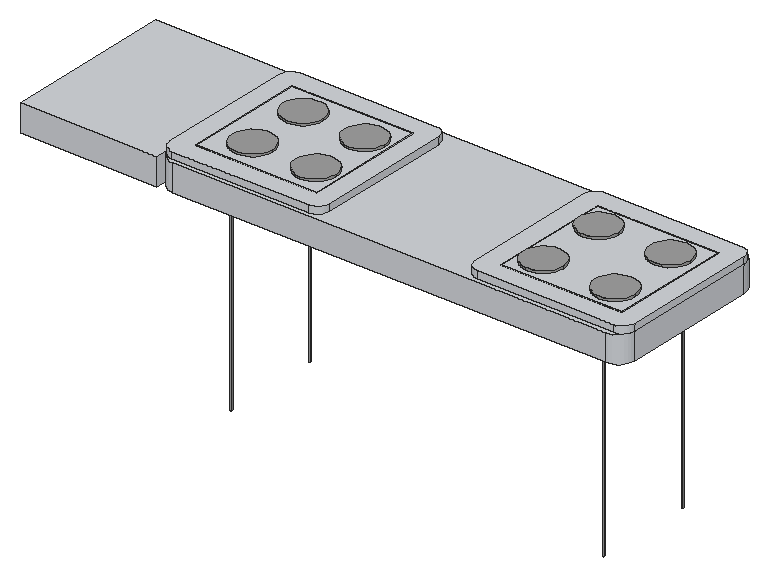
Revit family "Lighting-Industrial-GEWISS-SMART[4]HE_HIGHBAYS-LED_EMERGENCY_2M", category Apparecchi per illuminazione, Revit 2019
Family settings
  Quota connettore circolare = Usa diametro
  Tipo di parte = Normale
  Numero OmniClass = 23.80.70.11.21
  Titolo OmniClass = Emergency Lighting
  Basato su piano di lavoro = Sì
  Sempre verticale = No
  Taglio con vuoti quando caricato = No
  Sorgente d'illuminazione = No
  Condiviso = No
  Punto di calcolo locali = No
Parameters (values of type "GWS4224AQ857 - SMART4HB 2M EMERG ELL.57K")
  Wiring = "With GW connect watertight connector"
  Weight (kg): = "8"
  Warranty = "5 years"
  Voltaggio = 230 V
  Version file RFA = "20.11"
  Unique digital code (Datamatrix) = "Datamatrix"
  Unified Glare Rating = "-"
  URL = "https://www.gewiss.com/ww/en"
  Type of light source = "LED - Not replaceable"
  Tilt- = "-"
  Technical sheet = "https://www.gewiss.com/ww/en/search?q=GWS4224AQ857"
  System power : = "95 W (+5W Emerg.)"
  Supply voltage = "220 - 240 V"
  Stocking temperature = "-40 +70 °C"
  Standards and approvals = "-"
  Standard- = "EN 60598-2-22 ; EN 60598-1 ; EN 60598-2-24"
  Standard Deviation Colour Matching = "SDCM = 3"
  Spostamento_y_etichetta [instance] = 0 mm
  Spostamento_y_effettivo_etichetta [instance] = 1500 mm - Spostamento_y_etichetta  # 1500 mm
  Spostamento_x_etichetta [instance] = 0 mm
  Spostamento_X_effettivo_etichetta [instance] = 1500 mm - Spostamento_y_etichetta  # 1500 mm
  Shock resistance = "IK08"
  Shield type = "Tempered glass Thickness 4mm"
  Realized by GEWISS S.p.A. = ""
  Rated frequency (Hz) = "50/60 Hz"
  Produttore = "GEWISS S.p.A."
  Photobiological Risk Class = "RG0"
  Overvoltage protection = "DM 6 kV / CM 10 kV"
  Optic and illuminating features = "-"
  Optic Maintenance = "Non-replaceable"
  Optic : = "Metallic PC reflector and PMMA lenses"
  Optic = "Elliptical"
  Operating temperature : = "0 ÷ +40 °C"
  Offset etichetta W [instance] = 887 mm
  Mouting and installation = "Ceiling light - Suspension"
  Modello = "GWS4224AQ857"
  Maximum surface exposed to the wind : = "0,220 m²"
  Materials = "-"
  Luminaire = "LED Industrial Reflector "
  Lumen output (lm) : = "12300 (750 Emerg.)"
  Locking Hook = "-"
  Lifetime = "L90B10 (Tq+25°C) = 100.000 h - L90B10 (Tq+50°C) = 50.000 h"
  Lampada = "LED"
  LED Maintenance = "NiMh Battery Only"
  Insulation class = "I"
  Installationa and maintenance = "-"
  Immagine tipo = GWL1391E.jpg
  IPEA = "-"
  IP degree = "IP65"
  IFC.TypeObject = ""
  IFC.ExportType = ""
  IFC.ExportAs = ""
  IDT = "91df4c41cb4c4ac4b5ce1e3797edda73"
  IDF = "771d9fb1-981c-42ae-aedb-5e9a004f6ebe"
  Glow Wire Test : = "850 °C"
  General information = "-"
  Gasket = "anti-aging silicone"
  Fixing = "-"
  External screw = "Stainless steel"
  Etichetta wattaggio [instance] = yes
  Trasformatore = none
  Struttura plafoniera = none
  Spessore plafoniera = 40 mm  # constant formula
  Default Elevation = 1219.2 mm  # constant formula
  Proiettsmart2_simb [instance] = yes
  Plafoniera bidimensionale [instance] = not(Proiettsmart2_simb)  # no
  Eletrical and lighting features = "-"
  Electrocod = "2444"
  Efficiency (lm/W) = "123"
  Driver Box = "Built-in"
  Driver = "Included"
  Device with reduced surface temperature = "Yes"
  Descrizione = "SMART[4]HB 2M EMERG ELL.57K"
  DIN 18032-3 certification = "-"
  Control System = "1 x DALI DT6 + 1 x DALI DT1 (Emerg. 3h)"
  Context = "Lighting for industries and sports facilities"
  Colour temperature = "5700K"
  Colour : = "Grey RAL 7035"
  Colour = "Grey RAL 7035"
  Color Rendering Index = "CRI-80"
  Classificazione = Lighting
  Classification: = "-"
  Catalogue = "LIGHTING"
  Carico apparente = 100 VA
  Motore = none
  Mascherina = none
  Lunghezza = 699 mm  # constant formula
  Larghezza = 254 mm  # constant formula
  Distanza_tot_plafoniera [instance] = 300 mm
  Dist_sorg_lum = 10 mm  # constant formula
  COBie.Tagnumber = ""
  COBie.CreatedOn = ""
  COBie.CreatebBy = ""
  COBie.ComponentRegisterItemID = ""
  COBie.Component.TagNumber = ""
  COBie.Component.Space = ""
  COBie.Component.SerialNumber = ""
  COBie.Component.InstallationDate = ""
  COBie.Component.Description = ""
  COBie.Component.BarCode = ""
  Body = "PA6 \"Halogen Free\" loaded fibreglass"
  Application = "Internal"
Types (18, lengths in mm): name | Unified Glare Rating | Technical sheet | Optic : | Optic | Modello | Lumen output (lm) : | IDT | Efficiency (lm/W) | Descrizione | Colour temperature
  GWS4224AA830 - SMART4HB 2M EMERG ARR.30K | "UGR - 25" | "https://www.gewiss.com/ww/en/search?q=GWS4224AA830" | "Metallized polycarbonate reflector" | "Array" | "GWS4224AA830" | "13200 (810 Emerg.)" | "ddca898b58cc468391a90b385d1b094a" | "132" | "SMART[4]HB 2M EMERG ARR.30K" | "3000K"
  GWS4224AA840 - SMART4HB 2M EMERG ARR.40K | "UGR - 25" | "https://www.gewiss.com/ww/en/search?q=GWS4224AA840" | "Metallized polycarbonate reflector" | "Array" | "GWS4224AA840" | "13800 (850 Emerg.)" | "b2cd4d45acdb4d26a08822166aa529e5" | "138" | "SMART[4]HB 2M EMERG ARR.40K" | "4000K"
  GWS4224AA857 - SMART4HB 2M EMERG ARR.57K | "UGR - 25" | "https://www.gewiss.com/ww/en/search?q=GWS4224AA857" | "Metallized polycarbonate reflector" | "Array" | "GWS4224AA857" | "13800 (850 Emerg.)" | "4f2567158a8449768f23b8201484c4a6" | "138" | "SMART[4]HB 2M EMERG ARR.57K" | "5700K"
  GWS4224AC830 - SMART4HB 2M EMERG ASI.30K | "-" | "https://www.gewiss.com/ww/en/search?q=GWS4224AC830" | "Metallic PC reflector and PMMA lenses" | "Asymmetrical" | "GWS4224AC830" | "11900 (710 Emerg.)" | "8484b2d5bdb4462ca94933d2a3467d32" | "119" | "SMART[4]HB 2M EMERG ASI.30K" | "3000K"
  GWS4224AC840 - SMART4HB 2M EMERG ASI.40K | "-" | "https://www.gewiss.com/ww/en/search?q=GWS4224AC840" | "Metallic PC reflector and PMMA lenses" | "Asymmetrical" | "GWS4224AC840" | "12500 (750 Emerg.)" | "70095c9694ad49aea01bf23664485749" | "125" | "SMART[4]HB 2M EMERG ASI.40K" | "4000K"
  GWS4224AC857 - SMART4HB 2M EMERG ASI.57K | "-" | "https://www.gewiss.com/ww/en/search?q=GWS4224AC857" | "Metallic PC reflector and PMMA lenses" | "Asymmetrical" | "GWS4224AC857" | "12500 (750 Emerg.)" | "04b36db2bfbf48be9de5e389c15cee97" | "125" | "SMART[4]HB 2M EMERG ASI.57K" | "5700K"
  GWS4224AF830 - SMART4HB 2M EMERG 30° 30K | "UGR - 19" | "https://www.gewiss.com/ww/en/search?q=GWS4224AF830" | "Metallic PC reflector and PMMA lenses" | "30°" | "GWS4224AF830" | "13000 (810 Emerg.)" | "24d024f52ae745cdb0495df97ad23bbb" | "130" | "SMART[4]HB 2M EMERG 30° 30K" | "3000K"
  GWS4224AF840 - SMART4HB 2M EMERG 30° 40K | "UGR - 19" | "https://www.gewiss.com/ww/en/search?q=GWS4224AF840" | "Metallic PC reflector and PMMA lenses" | "30°" | "GWS4224AF840" | "13700 (850 Emerg.)" | "c5abd454be1e498184750121f1994d5c" | "137" | "SMART[4]HB 2M EMERG 30° 40K" | "4000K"
  GWS4224AF857 - SMART4HB 2M EMERG 30° 57K | "UGR - 19" | "https://www.gewiss.com/ww/en/search?q=GWS4224AF857" | "Metallic PC reflector and PMMA lenses" | "30°" | "GWS4224AF857" | "13700 (850 Emerg.)" | "dca4ed86e4974cc39d79aa998c300666" | "137" | "SMART[4]HB 2M EMERG 30° 57K" | "5700K"
  GWS4224AH830 - SMART4HB 2M EMERG 60° 30K | "UGR - 22" | "https://www.gewiss.com/ww/en/search?q=GWS4224AH830" | "Metallic PC reflector and PMMA lenses" | "60°" | "GWS4224AH830" | "13100 (810 Emerg.)" | "374fac0bddcd4ad093cbab91c811f6e1" | "131" | "SMART[4]HB 2M EMERG 60° 30K" | "3000K"
  GWS4224AH840 - SMART4HB 2M EMERG 60° 40K | "UGR - 22" | "https://www.gewiss.com/ww/en/search?q=GWS4224AH840" | "Metallic PC reflector and PMMA lenses" | "60°" | "GWS4224AH840" | "13800 (850 Emerg.)" | "966302bd3fb5478a88f90e0a67a21001" | "138" | "SMART[4]HB 2M EMERG 60° 40K" | "4000K"
  GWS4224AH857 - SMART4HB 2M EMERG 60° 57K | "UGR - 22" | "https://www.gewiss.com/ww/en/search?q=GWS4224AH857" | "Metallic PC reflector and PMMA lenses" | "60°" | "GWS4224AH857" | "13800 (850 Emerg.)" | "ca5039fdfbec4c55a01fd30951cbc420" | "138" | "SMART[4]HB 2M EMERG 60° 57K" | "5700K"
  GWS4224AP830 - SMART4HB 2M EMERG 90° 30K | "UGR - 22" | "https://www.gewiss.com/ww/en/search?q=GWS4224AP830" | "Metallic PC reflector and PMMA lenses" | "90°" | "GWS4224AP830" | "13300 (810 Emerg.)" | "d9c11ad2b7a449ceb19bb0a75bbba686" | "133" | "SMART[4]HB 2M EMERG 90° 30K" | "3000K"
  GWS4224AP840 - SMART4HB 2M EMERG 90° 40K | "UGR - 22" | "https://www.gewiss.com/ww/en/search?q=GWS4224AP840" | "Metallic PC reflector and PMMA lenses" | "90°" | "GWS4224AP840" | "13900 (850 Emerg.)" | "3505a121384a4fea8e5d3b1a2574684e" | "139" | "SMART[4]HB 2M EMERG 90° 40K" | "4000K"
  GWS4224AP857 - SMART4HB 2M EMERG 90° 57K | "UGR - 22" | "https://www.gewiss.com/ww/en/search?q=GWS4224AP857" | "Metallic PC reflector and PMMA lenses" | "90°" | "GWS4224AP857" | "13900 (850 Emerg.)" | "ca337bbc8989457fbb838d0e52595f7d" | "139" | "SMART[4]HB 2M EMERG 90° 57K" | "5700K"
  GWS4224AQ830 - SMART4HB 2M EMERG ELL.30K | "-" | "https://www.gewiss.com/ww/en/search?q=GWS4224AQ830" | "Metallic PC reflector and PMMA lenses" | "Elliptical" | "GWS4224AQ830" | "11800 (710 Emerg.)" | "c992ec81b8e04d4388351a645f1a9fa7" | "118" | "SMART[4]HB 2M EMERG ELL.30K" | "3000K"
  GWS4224AQ840 - SMART4HB 2M EMERG ELL.40K | "-" | "https://www.gewiss.com/ww/en/search?q=GWS4224AQ840" | "Metallic PC reflector and PMMA lenses" | "Elliptical" | "GWS4224AQ840" | "12300 (750 Emerg.)" | "09df45b130174d50ba632003b14c125b" | "123" | "SMART[4]HB 2M EMERG ELL.40K" | "4000K"
  GWS4224AQ857 - SMART4HB 2M EMERG ELL.57K | "-" | "https://www.gewiss.com/ww/en/search?q=GWS4224AQ857" | "Metallic PC reflector and PMMA lenses" | "Elliptical" | "GWS4224AQ857" | "12300 (750 Emerg.)" | "91df4c41cb4c4ac4b5ce1e3797edda73" | "123" | "SMART[4]HB 2M EMERG ELL.57K" | "5700K"
Reference planes
  plane 1 "Asse sorgente illuminazione (F/B)": y = 0
  plane 2: z = 0
  plane 3 "Asse sorgente illuminazione (L/R)": x = 0
  plane 4 "Prospetto sorgente di illuminazione": z = 1500
  plane 5: x = -349.5
  plane 6: y = 127
  plane 7: x = 349.5
  plane 8: y = -127
  plane 9: z = -340
  plane 10: z = -300
  plane 11: x = 344.5
  plane 12: x = -344.5
  plane 13: x = -104.5
  plane 14: x = 104.5
  plane 15: y = -1500
  plane 16: x = -1500
  plane 17: y = 0
  plane 18: x = 0
  plane 19: z = 340
  plane 20: z = 300
  plane 21: z = 350
Forms (mm)
  Extrusion 1, solid
    sketch origin (-1.25, 0, 0) x (1, 0, 0) y (0, 1, 0)
      loop
        line (-555.001, 127) -> (-555.001, -127) -> (-349.5, -127) -> (-349.5, 127) -> (-555.001, 127)
    from 300 to 340
Dimensions and locks
  equal spacing: plane 6, plane 1 "Asse sorgente illuminazione (F/B)", plane 8
  "Larghezza": plane 6 to plane 8
  equal spacing: plane 5, plane 3 "Asse sorgente illuminazione (L/R)", plane 7
  "Lunghezza": plane 5 to plane 7
  locked: plane 5 to plane 12 at 5
  locked: plane 11 to plane 7 at 5
  plane 16 to plane 3 "Asse sorgente illuminazione (L/R)" = 1500 mm
  plane 1 "Asse sorgente illuminazione (F/B)" to plane 15 = 1500 mm
  "Spostamento_X_effettivo_etichetta": plane 16 to plane 18
  "Spostamento_y_effettivo_etichetta": plane 17 to plane 15
  locked: plane 19 to plane 20 at 40
  "Distanza_tot_plafoniera": plane 20 to plane 2
  locked: plane 21 to plane 19 at 10
  aligned and locked: level to plane 2
  aligned and locked: plane 6 to nested 1
  aligned and locked: Extrusion 1 sketch curve to plane 6
  aligned and locked: nested 1 to Extrusion 1 sketch curve
  aligned and locked: Extrusion 1 sketch curve to nested 1
  aligned and locked: nested 5 to plane 18
  aligned and locked: nested 5 to plane 17
  aligned and locked: nested 6 to nested 15
  aligned and locked: Extrusion 1 to plane 19
  aligned and locked: plane 20 to Extrusion 1
  aligned and locked: nested 1 to plane 19
  aligned and locked: nested 2 to plane 20
  aligned and locked: nested 26 to plane 20  (x2)
  aligned and locked: plane 2 to nested 25
  aligned and locked: nested 2 to plane 2
  aligned and locked: nested 26 to plane 2  (x2)
  aligned and locked: plane 2 to nested 24
  aligned and locked: plane 2 to nested 26
  aligned and locked: plane 19 to nested 6
  aligned and locked: plane 21 to nested 13
  aligned and locked: nested 14 to plane 21
  aligned and locked: plane 21 to nested 10
  aligned and locked: plane 21 to nested 12
  aligned and locked: nested 8 to plane 21
  aligned and locked: plane 21 to nested 11
  aligned and locked: nested 9 to plane 21
Automatic sketch dimensions
  Extrusion 1 sketch curve to Extrusion 1 sketch curve = 205.501 mm
Nested families
  nested 1: "Struttura_SMART 4" at (-1.25, 0, 340), type "SMART 4 HB - 4+4L"
  nested 2: "Sospensione_ SMART LAB 4" at (-281.25, 74, 0), Altezza sospensione <- "Distanza_tot_plafoniera", type "Sospensione_ SMART LAB 4"
    with Altezza sospensione 300 mm, Default Elevation 300 mm
  nested 3: "PROIETTSMART - 2" at (0, 0, 0), visible <- "Proiettsmart2_simb", type "PROIETTSMART - 2"
  nested 4: "Rappr_ bidimensionale_SMART (4)  4 + 4 L_em" at (2.5, 0, 0), visible <- "Plafoniera bidimensionale", type "SMART (4)  4 + 4 L_bidimensionale "
  nested 5: "ETICHETTA LIGHT" at (0, 0, 0), type "ETICHETTA LIGHT"
  nested 6: "mascherina_SMART (4)" at (-230.75, 0, 350), type "Maschera_smart (4) 4L", detail levels fine
  nested 7: "mascherina_SMART (4)" at (228.25, 0, 350) x (-1, 0, 0) z (0, 0, 1), type "Maschera_smart (4) 4L", detail levels fine
  nested 8: "Gewis - Led" at (170.467, 52, 353), type "Gewis - Led", detail levels medium+fine
  nested 9: "Gewis - Led" at (278.25, 52, 353), type "Gewis - Led", detail levels medium+fine
  nested 10: "Gewis - Led" at (170.467, -52, 353), type "Gewis - Led", detail levels medium+fine
  nested 11: "Gewis - Led" at (278.25, -52, 353), type "Gewis - Led", detail levels medium+fine
  nested 12: "Gewis - Led" at (-175.75, 45, 353) x (-1, 0, 0) z (0, 0, 1), type "Gewis - Led", detail levels medium+fine
  nested 13: "Gewis - Led" at (-270.75, 47.625, 353) x (-1, 0, 0) z (0, 0, 1), type "Gewis - Led", detail levels medium+fine
  nested 14: "Gewis - Led" at (-175.75, -47.089, 353) x (-1, 0, 0) z (0, 0, 1), type "Gewis - Led", detail levels medium+fine
  nested 15: "Gewis - Led" at (-270.75, -47.089, 353) x (-1, 0, 0) z (0, 0, 1), type "Gewis - Led", detail levels medium+fine
  nested 16: "Gewis - Led" at (171.717, 52, -287), type "Gewis - Led", not visible, detail levels medium+fine
  nested 17: "Gewis - Led" at (279.5, 52, -287), type "Gewis - Led", not visible, detail levels medium+fine
  nested 18: "Gewis - Led" at (171.717, -52, -287), type "Gewis - Led", not visible, detail levels medium+fine
  nested 19: "Gewis - Led" at (279.5, -52, -287), type "Gewis - Led", not visible, detail levels medium+fine
  nested 20: "Gewis - Led" at (-174.5, 45, -287) x (-1, 0, 0) z (0, 0, 1), type "Gewis - Led", not visible, detail levels medium+fine
  nested 21: "Gewis - Led" at (-269.5, 47.625, -287) x (-1, 0, 0) z (0, 0, 1), type "Gewis - Led", not visible, detail levels medium+fine
  nested 22: "Gewis - Led" at (-174.5, -47.089, -287) x (-1, 0, 0) z (0, 0, 1), type "Gewis - Led", not visible, detail levels medium+fine
  nested 23: "Gewis - Led" at (-269.5, -47.089, -287) x (-1, 0, 0) z (0, 0, 1), type "Gewis - Led", not visible, detail levels medium+fine
  nested 24: "Sospensione_ SMART LAB 4" at (278.75, 74, 0) x (-1, 0, 0) z (0, 0, 1), Altezza sospensione <- "Distanza_tot_plafoniera", type "Sospensione_ SMART LAB 4"
    with Altezza sospensione 300 mm, Default Elevation 300 mm
  nested 25: "Sospensione_ SMART LAB 4" at (-281.25, -74, 0), Altezza sospensione <- "Distanza_tot_plafoniera", type "Sospensione_ SMART LAB 4"
    with Altezza sospensione 300 mm, Default Elevation 300 mm
  nested 26: "Sospensione_ SMART LAB 4" at (278.75, -74, 0) x (-1, 0, 0) z (0, 0, 1), Altezza sospensione <- "Distanza_tot_plafoniera", type "Sospensione_ SMART LAB 4"
    with Altezza sospensione 300 mm, Default Elevation 300 mm
Connectors
  electrical at (-1.241, -0.098, 300), driven by "Voltaggio", driven by "Carico apparente", driven by "Classificazione"
    settings: on nested 1, index 1, voltage 230 V, apparent load 0 VA, apparent load phase1 100 VA, apparent load phase2 0 VA, apparent load phase3 0 VA, power factor 1, load classification "Lighting", number of poles 1, system type 31, power factor state 1, is connector primary yes, connector utility no, sub classification motor no, connector description ""
Definition of nested family "Struttura_SMART 4"
  Parameters (values of type "SMART 4 HB - 4+4L")
    Struttura plafoniera = none
    Spessore_plafoniera = 40 mm
    Lunghezza = 699 mm
    Larghezza = 254 mm
  Types (2, lengths in mm): name | Lunghezza | Larghezza
    SMART Lab (4) 4L | 383 | 253
    SMART 4 HB - 4+4L | 699 | 254
  Reference planes
    plane 1 "Asse sorgente illuminazione (F/B)": y = 0
    plane 2: z = 0
    plane 3 "Asse sorgente illuminazione (L/R)": x = 0
    plane 4 "Prospetto sorgente di illuminazione": z = -40
    plane 5 "SX": x = -349.5
    plane 6 "DX": x = 349.5
    plane 7 "DIETRO": y = 127
    plane 8 "AVANTI": y = -127
    plane 9: x = 106.5
    plane 10: x = 338.5
    plane 11: y = -116
    plane 12: y = 116
    plane 13: x = -338.5
    plane 14: x = -106.5
  Forms (mm)
    Extrusion 1, solid, material <- "Struttura plafoniera"
      sketch origin (0, 0, 0) x (1, 0, 0) y (0, 1, 0)
        loop
          line (349.5, -102.595) -> (349.5, 102.59)
          arc (349.5, 102.59) -> (342.35, 119.85) -> (325.09, 127) r 24.41
          line (325.09, 127) -> (-325.009, 127)
          arc (-325.009, 127) -> (-342.554, 119.6) -> (-349.5, 101.871) r 24.499
          line (-349.5, 101.871) -> (-349.5, -102.592)
          arc (-349.5, -102.592) -> (-342.351, -119.851) -> (-325.092, -127) r 24.408
          line (-325.092, -127) -> (325.117, -127)
          arc (325.117, -127) -> (342.334, -119.868) -> (349.465, -102.652) r 24.348
      from -40 to 0
  Dimensions and locks
    equal spacing: plane 5 "SX", plane 3 "Asse sorgente illuminazione (L/R)", plane 6 "DX"
    equal spacing: plane 7 "DIETRO", plane 1 "Asse sorgente illuminazione (F/B)", plane 8 "AVANTI"
    "Lunghezza": plane 5 "SX" to plane 6 "DX"
    "Larghezza": plane 7 "DIETRO" to plane 8 "AVANTI"
    locked: plane 7 "DIETRO" to plane 12 at 11
    locked: plane 11 to plane 8 "AVANTI" at 11
    locked: plane 10 to plane 6 "DX" at 11
    locked: plane 9 to plane 10 at 232
    plane 13 to plane 14 = 232 mm
    locked: plane 5 "SX" to plane 13 at 11
    "Spessore_plafoniera": plane 2 to plane 4 "Prospetto sorgente di illuminazione"
    aligned and locked: level to plane 2
    aligned and locked: Extrusion 1 to plane 5 "SX"
    aligned and locked: Extrusion 1 to plane 8 "AVANTI"  (x2)
    aligned and locked: plane 7 "DIETRO" to Extrusion 1
    aligned and locked: plane 6 "DX" to Extrusion 1
    aligned and locked: plane 4 "Prospetto sorgente di illuminazione" to Extrusion 1
    aligned and locked: plane 2 to Extrusion 1
  Automatic sketch dimensions
    Extrusion 1 sketch curve to plane 5 "SX" = 0 mm
    Extrusion 1 sketch curve to plane 8 "AVANTI" = 0 mm
    Extrusion 1 sketch curve to plane 7 "DIETRO" = 0 mm
    Extrusion 1 sketch curve to plane 6 "DX" = 0 mm
    plane 13 to Extrusion 1 sketch curve = 13.408 mm
    plane 13 to Extrusion 1 sketch curve = 13.491 mm
    Extrusion 1 sketch curve to plane 10 = 13.41 mm
    Extrusion 1 sketch curve to plane 10 = 13.383 mm
    plane 11 to Extrusion 1 sketch curve = 13.348 mm
    Extrusion 1 sketch curve to plane 12 = 14.129 mm
    Extrusion 1 sketch curve to Extrusion 1 sketch curve = 0.056 mm
Definition of nested family "Sospensione_ SMART LAB 4"
  Parameters (values of type "Sospensione_ SMART LAB 4")
    Default Elevation = 1219.2 mm
    Altezza sospensione [instance] = 500 mm
  Reference planes
    plane 1 "Center (Front/Back)": y = 0
    plane 2: z = 0
    plane 3 "Center (Left/Right)": x = 0
    plane 4: z = 500
    plane 5: z = 469.347
    plane 6: z = 423.77
  Forms (mm)
    Extrusion 1, solid
      sketch origin (0, 0, 0) x (1, 0, 0) y (0, 1, 0)
        loop
          circle (0, -0.028) r 1.25
      from 0 to 500
  Lines and regions (mm)
    model lines, not visible
      curve 1: line (0, 0, 0) -> (0, 0, 9.482)
  Dimensions and locks
    "Altezza sospensione": plane 4 to level
    plane 4 to plane 5 = 30.653 mm
    locked: plane 6 to plane 5 at 45.576
    aligned and locked: level to plane 2
    aligned and locked: plane 4 to Extrusion 1
    aligned and locked: Extrusion 1 to plane 2
  Automatic sketch dimensions
    Extrusion 1 sketch curve to plane 3 "Center (Left/Right)" = 0 mm
    plane 1 "Center (Front/Back)" to Extrusion 1 sketch curve = 0.028 mm
    curve 1 to plane 3 "Center (Left/Right)" = 0 mm
    curve 1 to level = 0 mm
    curve 1 to curve 1 = 9.482 mm
    radius of Extrusion 1 sketch curve = 1.25 mm
Definition of nested family "mascherina_SMART (4)"
  Parameters (values of type "Maschera_smart (4) 4L")
    Spessore_mascherina = 10 mm
    Default Elevation = 1219.2 mm
    N.intarsi = (Lunghezza_mascherina - (Bordo * 2)) / 15 mm  # 12
    N._intarsi verticale = (Larghezza_mascherina - (Bordo * 2)) / 17 mm  # 11
    Mascherina = none
    Lunghezza_mascherina = 240 mm
    Larghezza_mascherina = 240 mm
    Distanza_intarsi v. = 41 mm  # constant formula
    Distanza_intarsi = 37 mm  # constant formula
    Bordo = 29 mm
  Reference planes
    plane 1 "Centro (Fronte/Retro)": y = 0
    plane 2: z = 0
    plane 3 "Centro (Sinistra/Destra)": x = 0
    plane 4: x = -120
    plane 5 "Dietro": y = 120
    plane 6: x = 120
    plane 7: y = -120
    plane 8: x = -91
    plane 9: y = -91
    plane 10: x = 91
    plane 11: y = 91
    plane 12: x = -83
    plane 13: y = 94.742
    plane 14: y = -95
    plane 15: z = -10
    plane 16: x = -95
    plane 17: y = 79
    plane 18: y = -79
    plane 19: x = 95
    plane 20: z = -4.799
  Forms (mm)
    Extrusion 1, solid, material <- "Mascherina"
      sketch origin (0, 0, 0) x (1, 0, 0) y (0, 1, 0)
        loop
          arc (-102.5, 120) -> (-114.874, 114.874) -> (-120, 102.5) r 17.5
          line (-120, 102.5) -> (-120, -102.5)
          arc (-120, -102.5) -> (-114.874, -114.874) -> (-102.5, -120) r 17.5
          line (-102.5, -120) -> (102.5, -120)
          arc (102.5, -120) -> (114.874, -114.874) -> (120, -102.5) r 17.5
          line (120, -102.5) -> (120, 102.5)
          arc (120, 102.5) -> (114.874, 114.874) -> (102.5, 120) r 17.5
          line (102.5, 120) -> (-102.5, 120)
        loop
          line (-91, 91) -> (-91, -91) -> (91, -91) -> (91, 91) -> (-91, 91)
      from -10 to 0
    Extrusion 2, solid, material <- "Mascherina"
      sketch origin (0, 0, 0) x (1, 0, 0) y (0, 1, 0)
        loop
          line (-91, 91) -> (-91, -91) -> (91, -91) -> (91, 91) -> (-91, 91)
      from -4.799 to 0
  Dimensions and locks
    equal spacing: plane 4, plane 3 "Centro (Sinistra/Destra)", plane 6
    "Lunghezza_mascherina": plane 4 to plane 6
    equal spacing: plane 5 "Dietro", plane 1 "Centro (Fronte/Retro)", plane 7
    "Larghezza_mascherina": plane 5 "Dietro" to plane 7
    "Bordo": plane 4 to plane 8
    "Bordo": plane 9 to plane 7
    "Bordo": plane 5 "Dietro" to plane 11
    "Bordo": plane 10 to plane 6
    "Distanza_intarsi": plane 4 to plane 12
    locked: plane 13 to plane 11 at 3.742
    "Spessore_mascherina": plane 2 to plane 15
    "Distanza_intarsi v.": plane 5 "Dietro" to plane 17
    "Distanza_intarsi v.": plane 18 to plane 7
    locked: plane 9 to plane 14 at 4
    locked: plane 16 to plane 8 at 4
    locked: plane 10 to plane 19 at 4
    locked: plane 2 to plane 20 at 4.799
    radius of Extrusion 1 sketch curve = 17.5 mm  (x4)
    aligned and locked: level to plane 2
    aligned and locked: plane 4 to Extrusion 1 sketch curve
    aligned and locked: plane 6 to Extrusion 1 sketch curve
    aligned and locked: Extrusion 1 sketch curve to plane 5 "Dietro"
    aligned and locked: Extrusion 1 sketch curve to plane 7
    aligned and locked: Extrusion 1 sketch curve to plane 11
    aligned and locked: plane 8 to Extrusion 1 sketch curve
    aligned and locked: plane 9 to Extrusion 1 sketch curve
    aligned and locked: Extrusion 1 sketch curve to plane 10
    aligned and locked: plane 2 to Extrusion 1
    aligned and locked: Extrusion 1 to plane 15
    aligned and locked: Extrusion 2 sketch curve to plane 10
    aligned and locked: plane 9 to Extrusion 2 sketch curve
    aligned and locked: plane 8 to Extrusion 2 sketch curve
    aligned and locked: Extrusion 2 sketch curve to plane 11
    aligned and locked: plane 2 to Extrusion 2
    aligned and locked: Extrusion 2 to plane 20
Definition of nested family "Gewis - Led"
  Parameters (values of type "Gewis - Led")
    Vetro = none
    Raggio led = 30 mm
    Default Elevation = 1219.2 mm
    Estensione vetro = 3 mm
  Reference planes
    plane 1 "Centro (Fronte/Retro)": y = 0
    plane 2: z = 0
    plane 3 "Centro (Sinistra/Destra)": x = 0
  Forms (mm)
    Extrusion 1, solid, material <- "Vetro"
      sketch origin (0, 0, 0) x (1, 0, 0) y (0, 1, 0)
        loop
          circle (0, 0) r 30
      from -3 to 0
  Dimensions and locks
    "Estensione vetro": level to Extrusion 1
    "Raggio led": radius of Extrusion 1 sketch curve
    aligned and locked: level to plane 2
    aligned and locked: level to Extrusion 1
  Automatic sketch dimensions
    plane 1 "Centro (Fronte/Retro)" to Extrusion 1 sketch curve = 0 mm
    Extrusion 1 sketch curve to plane 3 "Centro (Sinistra/Destra)" = 0 mm
Definition of nested family "PROIETTSMART - 2"
  Reference planes
    plane 1 "Centro (Fronte/Retro)": y = 0
    plane 2: z = 0
    plane 3 "Centro (Sinistra/Destra)": x = 0
  Lines and regions (mm)
    model lines, in view "Livello rif."
      curve 1: line (88.431, -21.515, 0) -> (45.232, -0.008, 0)
      curve 2: line (45.232, -0.008, 0) -> (88.431, 21.758, 0)
      curve 3: line (88.431, 21.758, 0) -> (88.431, -21.515, 0)
      curve 4: line (45.232, 21.629, 0) -> (45.232, -21.645, 0)
      curve 5: line (45.232, -0.008, 0) -> (19.971, -0.008, 0)
      curve 6: line (88.431, 0.122, 0) -> (107.084, 0.122, 0)
      curve 7: line (130, 66.747, 0) -> (130, -66.747, 0)
      curve 8: line (130, -66.747, 0) -> (-130, -66.747, 0)
      curve 9: line (-130, -66.747, 0) -> (-130, 66.747, 0)
      curve 10: line (-130, 66.747, 0) -> (130, 66.747, 0)
      curve 11: line (13.61, 49.667, 0) -> (112.96, 49.667, 0)
      curve 12: line (112.96, 49.667, 0) -> (112.96, -49.683, 0)
      curve 13: line (112.96, -49.683, 0) -> (13.61, -49.683, 0)
      curve 14: line (13.61, -49.683, 0) -> (13.61, 49.667, 0)
      curve 15: line (-38.138, -21.515, 0) -> (-81.338, -0.008, 0)
      curve 16: line (-81.338, -0.008, 0) -> (-38.138, 21.758, 0)
      curve 17: line (-38.138, 21.758, 0) -> (-38.138, -21.515, 0)
      curve 18: line (-81.338, 21.629, 0) -> (-81.338, -21.645, 0)
      curve 19: line (-81.338, -0.008, 0) -> (-106.599, -0.008, 0)
      curve 20: line (-38.138, 0.122, 0) -> (-19.485, 0.122, 0)
      curve 21: line (-112.96, 49.667, 0) -> (-13.61, 49.667, 0)
      curve 22: line (-13.61, 49.667, 0) -> (-13.61, -49.683, 0)
      curve 23: line (-13.61, -49.683, 0) -> (-112.96, -49.683, 0)
      curve 24: line (-112.96, -49.683, 0) -> (-112.96, 49.667, 0)
Definition of nested family "Rappr_ bidimensionale_SMART (4)  4 + 4 L_em"
  Types (2): name
    Rappr_ bidimensionale_SMART (4)  4 + 4 L
    SMART (4)  4 + 4 L_bidimensionale
  Reference planes
    plane 1 "Centro (Fronte/Retro)": y = 0
    plane 2: z = 0
    plane 3 "Centro (Sinistra/Destra)": x = 0
  Lines and regions (mm)
    model lines, in view "Livello rif."
      curve 1: circle (172.99, 47.066, 0) r 28.619 normal (0, 0, 1)
      curve 2: circle (266.99, -46.934, 0) r 28.619 normal (0, 0, 1)
      curve 3: circle (172.99, -46.934, 0) r 28.619 normal (0, 0, 1)
      curve 4: circle (266.99, 47.066, 0) r 28.619 normal (0, 0, 1)
      curve 5: arc (100.591, -104.024, 0) -> (105.11, -114.897, 0) -> (115.989, -119.398, 0) r 15.398
      curve 6: arc (-121.159, -119.398, 0) -> (-110.271, -114.888, 0) -> (-105.761, -104, 0) r 15.398
      curve 7: arc (-105.761, 104, 0) -> (-110.28, 114.897, 0) -> (-121.183, 119.398, 0) r 15.398
      curve 8: arc (-329.183, 119.398, 0) -> (-340.065, 114.871, 0) -> (-344.557, 103.975, 0) r 15.398
      curve 9: arc (-344.557, -103.975, 0) -> (-340.056, -114.879, 0) -> (-329.159, -119.398, 0) r 15.398
      curve 10: arc (323.989, -119.398, 0) -> (334.886, -114.879, 0) -> (339.388, -103.975, 0) r 15.398
      curve 11: arc (339.388, 104.025, 0) -> (334.86, 114.906, 0) -> (323.965, 119.398, 0) r 15.398
      curve 12: arc (115.965, 119.398, 0) -> (105.101, 114.888, 0) -> (100.591, 104.024, 0) r 15.398
      curve 13: arc (-352.013, -103.973, 0) -> (-345.339, -120.141, 0) -> (-329.187, -126.854, 0) r 22.854
      curve 14: arc (-329.186, 126.854, 0) -> (-345.319, 120.16, 0) -> (-352.013, 104.027, 0) r 22.854
      curve 15: arc (346.843, 104.027, 0) -> (340.13, 120.179, 0) -> (323.962, 126.854, 0) r 22.854
      curve 16: arc (323.961, -126.854, 0) -> (340.149, -120.16, 0) -> (346.843, -103.973, 0) r 22.854
      curve 17: circle (-178.16, -47.066, 0) r 28.619 normal (0, 0, 1)
      curve 18: circle (-272.16, 46.934, 0) r 28.619 normal (0, 0, 1)
      curve 19: circle (-178.16, 46.934, 0) r 28.619 normal (0, 0, 1)
      curve 20: circle (-272.16, -47.066, 0) r 28.619 normal (0, 0, 1)
      curve 21: line (127.489, -92.5, 0) -> (127.489, 92.5, 0)
      curve 22: line (127.489, 92.5, 0) -> (312.489, 92.5, 0)
      curve 23: line (312.489, 92.5, 0) -> (312.489, -92.5, 0)
      curve 24: line (312.489, -92.5, 0) -> (127.489, -92.5, 0)
      curve 25: line (100.591, -104.024, 0) -> (100.591, 104.024, 0)
      curve 26: line (115.989, -119.398, 0) -> (323.989, -119.398, 0)
      curve 27: line (-329.159, -119.398, 0) -> (-121.159, -119.398, 0)
      curve 28: line (-105.761, -104, 0) -> (-105.761, 104, 0)
      curve 29: line (-329.183, 119.398, 0) -> (-121.183, 119.398, 0)
      curve 30: line (-344.557, -103.975, 0) -> (-344.557, 103.975, 0)
      curve 31: line (339.388, -103.975, 0) -> (339.388, 104.025, 0)
      curve 32: line (115.965, 119.398, 0) -> (323.965, 119.398, 0)
      curve 33: line (-352.013, -103.973, 0) -> (-352.013, 104.027, 0)
      curve 34: line (323.962, 126.854, 0) -> (-329.186, 126.854, 0)
      curve 35: line (346.843, -103.973, 0) -> (346.843, 104.027, 0)
      curve 36: line (323.961, -126.854, 0) -> (-329.187, -126.854, 0)
      curve 37: line (-132.659, -92.5, 0) -> (-317.659, -92.5, 0)
      curve 38: line (-317.659, -92.5, 0) -> (-317.659, 92.5, 0)
      curve 39: line (-317.659, 92.5, 0) -> (-132.659, 92.5, 0)
      curve 40: line (-132.659, 92.5, 0) -> (-132.659, -92.5, 0)
    detail lines, in view "Livello rif."
      curve 41: line (-352.013, 126.854, 0) -> (-596.958, 126.854, 0)
      curve 42: line (-352.013, -126.854, 0) -> (-352.013, 126.854, 0)
      curve 43: line (-596.958, -126.854, 0) -> (-352.013, -126.854, 0)
      curve 44: line (-596.958, 126.854, 0) -> (-596.958, -126.854, 0)
Definition of nested family "ETICHETTA LIGHT"
  Parameters (values of type "ETICHETTA LIGHT")
    COMMENTI = "236W"
  Reference planes
    plane 1: y = 0
    plane 2: x = 0
  Text (mm)
    label "COMMENTI" at (-0.057, 0.105, 0), shows "COMMENTI"
